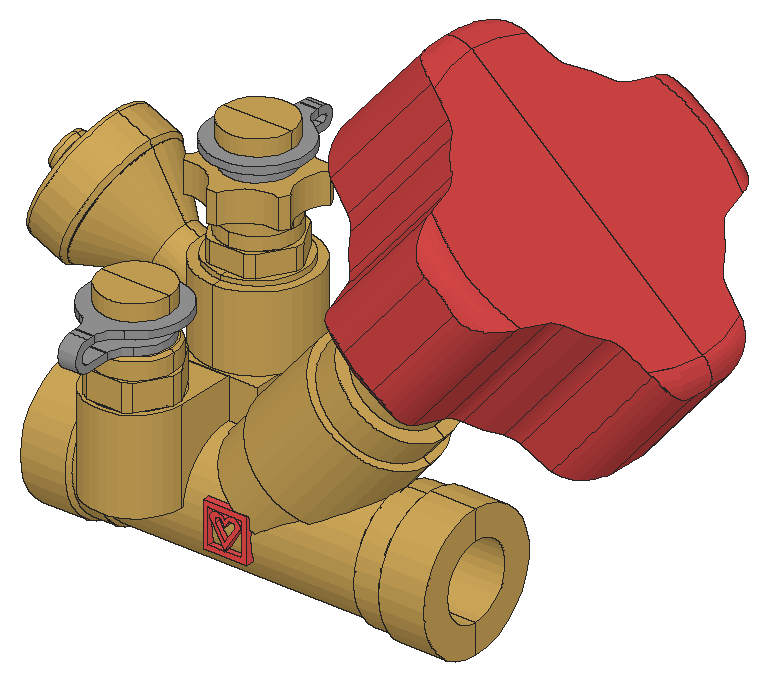
Revit family "HERZ Strömax Балансировочный клапан с измерительной диафрагмой 4017 ML", category Rohrzubehör, Revit 2020
Family settings
  Bemaßung runder Anschluss = Durchmesser verwenden
  Teiletyp = Unterbricht
  OmniClass-Nummer = 23.65.55.14
  OmniClass-Titel = Valves for Liquid Services
  Arbeitsebenenbasiert = Nein
  Immer vertikal = Ja
  Beim Laden mit Abzugskörper schneiden = Nein
  Gemeinsam genutzt = Nein
Parameters
  Среда = "Качество теплоносителя должно соответствовать требованиям ONORM H 5195, VDI 2035.\r\nДопускается использование смеси этилен- пропиленгликоля в процентном соотношении 25-50% с водой."
  Область применения = "Балансировочные клапаны применяются для гидравлической балансировки систем отопления и охлаждения, регулировки магистральных трубопроводов, стояков, теплообменников, регистров отопления и охлаждения."
  Номер заказа [instance] = size_lookup("4017_ML_", "Artnr", 0, Nennweite)  # 1401731
  Макс. рабочее давление = 2000000.0 Pa  # constant formula
  Макс. рабочая температура = 130 °C  # constant formula
  Макс. перепад давления на закрытом седле = 1000000.0 Pa  # constant formula
  Корпус = "латунь, устойчивая к селективной цинковой коррозии"  # constant formula
  Исполнение = "Балансировочный клапан ГЕРЦ 4017ML с измерительной диафрагмой и возможностью подключения импульсной трубки и двумя измерительными клапанами для измерений перепадов давления наклонный неподнимающийся шпиндель, муфта х муфта, без покрытия, фиксированная воспроизводимая предварительная настройка, показания преднастройки считываются в окошке маховика, с обеих сторон резьбовые муфты, уплотнение шпинделя при помощи тройных уплотнительных колец O-Ring."
  kvs-значения [instance] = if(Nennweite = 15.000 mm, 2, if(Nennweite = 20.000 mm, 3.6, if(Nennweite = 25.000 mm, 6.5, if(Nennweite = 32.000 mm, 13.3, if(Nennweite = 40.000 mm, 18.5, if(Nennweite = 50.000 mm, 33, 0))))))  # 2
  kv-диафрагмы [instance] = if(Nennweite = 15.000 mm, 1.95, if(Nennweite = 20.000 mm, 3.95, if(Nennweite = 25.000 mm, 7.9, if(Nennweite = 32.000 mm, 15.75, if(Nennweite = 40.000 mm, 21.5, if(Nennweite = 50.000 mm, 46.7, 0))))))  # 1.95
  W01 = 50.00°  # constant formula
  Vorgabe-Ansicht = 0.000 mm
  URL = "www.herz-armaturen.ru"
  SW01 = 60.00°  # constant formula
  SCRNSEQ = "ARM;ARM_TYP=\"STRV\";2"
  SCRNCODE = "05;07;02"  # constant formula
  S03 = 60.000 mm  # constant formula
  S02 [instance] = L04 + L06 + L07  # 76.800 mm
  S01 [instance] = D01 * 2  # 27.000 mm
  R03 = 21.500 mm  # constant formula
  R02 = 9.500 mm  # constant formula
  R01 = 12.000 mm  # constant formula
  L10 [instance] = size_lookup("4017_ML_", "L10", 1.000 mm, Nennweite)  # 28.500 mm
  L09 [instance] = size_lookup("4017_ML_", "L9", 1.000 mm, Nennweite)  # 22.500 mm
  L08 [instance] = size_lookup("4017_ML_", "L8", 1.000 mm, Nennweite)  # 12.700 mm
  L07 [instance] = size_lookup("4017_ML_", "L7", 1.000 mm, Nennweite)  # 35.100 mm
  L06 [instance] = size_lookup("4017_ML_", "L6", 1.000 mm, Nennweite)  # 6.500 mm
  L05 [instance] = size_lookup("4017_ML_", "L5", 1.000 mm, Nennweite)  # 20.200 mm
  L04 [instance] = size_lookup("4017_ML_", "L4", 1.000 mm, Nennweite)  # 35.200 mm
  L03 [instance] = size_lookup("4017_ML_", "L3", 1.000 mm, Nennweite)  # 1.000 mm
  H03 [instance] = H01 - 19.000 mm  # 1.000 mm
  H02 = 13.000 mm  # constant formula
  E01 [instance] = L00 / -2  # -41.500 mm
  E00 = 0.000 mm  # constant formula
  D09 [instance] = size_lookup("4017_ML_", "D9", 1.000 mm, Nennweite)  # 11.750 mm
  D08 [instance] = size_lookup("4017_ML_", "D8", 1.000 mm, Nennweite)  # 9.500 mm
  D07 [instance] = size_lookup("4017_ML_", "D7", 1.000 mm, Nennweite)  # 12.000 mm
  D06 [instance] = size_lookup("4017_ML_", "D6", 1.000 mm, Nennweite)  # 13.500 mm
  D05 [instance] = size_lookup("4017_ML_", "D5", 1.000 mm, Nennweite)  # 12.500 mm
  D04 [instance] = Nennweite / 2  # 7.500 mm
  IG [instance] = Nennweite / 2  # 7.500 mm
  D03 [instance] = size_lookup("4017_ML_", "D3", 1.000 mm, Nennweite)  # 11.900 mm
  D02 [instance] = size_lookup("4017_ML_", "D2", 1.000 mm, Nennweite)  # 12.700 mm
  D01 [instance] = size_lookup("4017_ML_", "D1", 1.000 mm, Nennweite)  # 13.500 mm
  Nennweite [instance] = 15.000 mm
  L02 [instance] = size_lookup("4017_ML_", "L2", 1.000 mm, Nennweite)  # 5.000 mm
  L01 [instance] = size_lookup("4017_ML_", "L1", 1.000 mm, Nennweite)  # 9.250 mm
  L00 [instance] = size_lookup("4017_ML_", "L", 1.000 mm, Nennweite)  # 83.000 mm
  Hersteller = "HERZ Armaturen Ges.m.b.H."  # constant formula
  H01 [instance] = size_lookup("4017_ML_", "H1", 1.000 mm, Nennweite)  # 20.000 mm
  GT [instance] = size_lookup("4017_ML_", "GT", 1.000 mm, Nennweite)  # 13.200 mm
  DN50 [instance] = Nennweite = 50.000 mm  # no
  DN40 [instance] = Nennweite = 40.000 mm  # no
  DN32 [instance] = Nennweite = 32.000 mm  # no
  DN25 [instance] = Nennweite = 25.000 mm  # no
  DN20 [instance] = Nennweite = 20.000 mm  # no
  DN15 [instance] = Nennweite = 15.000 mm  # yes
Reference planes
  plane 1 "Mitte (Vorne/hinten)": y = 0
  plane 2: z = 0
  plane 3 "Mitte (Links/rechts)": x = 0
Forms (mm)
  Revolve 1, solid, material "Messing, weicher Gelbton, geschweißt", detail levels fine
    sketch origin (470, 0, 0) x (1, 0, 0) y (0, 0, 1)
      loop
        line (-511.5, 7.5) -> (-498.3, 7.5) -> (-498.3, 0) -> (-441.7, 0) -> (-441.7, 7.5) -> (-428.5, 7.5) -> (-428.5, 13.5) -> (-437.75, 13.5) -> (-438.421, 12.7) -> (-443.421, 12.7) -> (-444.093, 11.9) -> (-495.907, 11.9) -> (-496.579, 12.7) -> (-501.579, 12.7) -> (-502.25, 13.5) -> (-511.5, 13.5) -> (-511.5, 7.5)
      axis (-511.5, 0) -> (-428.5, 0)
    angle from 0 to 360
  Revolve 2, solid, material "Messing, weicher Gelbton, geschweißt", detail levels fine
    sketch origin (0.32, 0, -0.105) x (1, 0, 0) y (0, 0, 1)
      loop
        line (-1.32, 0.105) -> (48.046, 58.937) -> (39.045, 66.49) -> (30.882, 56.761) -> (32.605, 55.315) -> (18.207, 38.155) -> (16.292, 39.762) -> (12.114, 34.783) -> (10.964, 35.747) -> (-2.02, 20.273) -> (-1.254, 19.63) -> (-7.652, 12.005) -> (-7.065, 4.926) -> (-1.32, 0.105)
      axis (-1.32, 0.105) -> (48.046, 58.937)
    angle from 0 to 360
  Extrusion 3, solid, material "Messing, weicher Gelbton, geschweißt", detail levels fine
    sketch origin (0, 0, 0) x (1, 0, 0) y (0, 1, 0)
      loop
        arc (-28.5, -12) -> (-19, -21.5) -> (-9.5, -12) r 9.5
        line (-9.5, -12) -> (-9.5, 0) -> (-28.5, 0) -> (-28.5, -12)
    from 1 <- "H03" to 20 <- "H01"
  Extrusion 4, solid, material "Messing, weicher Gelbton, geschweißt", detail levels fine
    sketch origin (0, 0, 0) x (1, 0, 0) y (0, 1, 0)
      loop
        line (-22.5, 12) -> (-22.5, 0) -> (-3.5, 0) -> (-3.5, 12)
        arc (-3.5, 12) -> (-13, 21.5) -> (-22.5, 12) r 9.5
    from 0 to 20 <- "H01"
  Extrusion 5, void
    sketch origin (0, 0, 0) x (1, 0, 0) y (0, 0, 1)
      loop
        line (55, 0) -> (80, 0) -> (80, 73) -> (55, 73) -> (55, 0)
    from 55 to -55
Cuts and joins
  Extrusion 5 cuts Revolve 2
Lines and regions (mm)
  model lines, detail levels coarse+medium
    curve 1: line (-41.5, 0, 13.5) -> (-41.5, 0, -13.5)
    curve 2: line (-41.5, 0, -13.5) -> (41.5, 0, 13.5)
    curve 3: line (41.5, 0, 13.5) -> (41.5, 0, -13.5)
    curve 4: line (41.5, 0, -13.5) -> (-41.5, 0, 13.5)
    curve 5: line (0, 0, 0) -> (38.4, 0, 66.511)
    curve 6: line (12.419, 0, 81.511) -> (64.381, 0, 51.511)
    curve 7: line (-41.5, -13.5, 0) -> (-41.5, 13.5, 0)
    curve 8: line (-41.5, 13.5, 0) -> (41.5, -13.5, 0)
    curve 9: line (41.5, -13.5, 0) -> (41.5, 13.5, 0)
    curve 10: line (41.5, 13.5, 0) -> (-41.5, -13.5, 0)
    curve 11: line (0, 0, 0) -> (38.4, 66.511, 0)
    curve 12: line (12.419, 81.511, 0) -> (64.381, 51.511, 0)
Dimensions and locks
  "L00": Revolve 1 sketch curve to Revolve 1 sketch curve
  equal spacing: Revolve 1 sketch curve, plane 3 "Mitte (Links/rechts)", Revolve 1 sketch curve
  "D01": Revolve 1 sketch curve to Revolve 1 sketch curve  (x2)
  "GT": Revolve 1 sketch curve to Revolve 1 sketch curve  (x2)
  "D06": Revolve 2 sketch curve to Revolve 2 sketch curve
  "D07": Revolve 2 sketch curve to Revolve 2 sketch curve
  "D08": Revolve 2 sketch curve to Revolve 2 sketch curve
  "D09": Revolve 2 sketch curve to Revolve 2 sketch curve
  equal spacing: curve 1, plane 3 "Mitte (Links/rechts)", curve 3
  "L00": curve 1 to curve 3
  equal spacing: curve 4, plane 2, curve 2
  "S01": curve 4 to curve 1
  "S01": curve 3 to curve 4
  equal spacing: curve 3, plane 2, curve 4
  "S02": curve 5 to curve 5
  equal spacing: curve 6, curve 5, curve 6
  "S03": curve 6 to curve 6
  equal spacing: curve 7, plane 3 "Mitte (Links/rechts)", curve 9
  "L00": curve 7 to curve 9
  equal spacing: curve 10, plane 1 "Mitte (Vorne/hinten)", curve 8
  "S01": curve 8 to curve 10
  equal spacing: curve 9, plane 1 "Mitte (Vorne/hinten)", curve 10
  "S01": curve 10 to curve 9
  "S02": curve 11 to curve 11
  equal spacing: curve 12, curve 11, curve 12
  "S03": curve 12 to curve 12
  "L01": Revolve 1 sketch curve to Revolve 1 sketch curve  (x2)
  "D02": Revolve 1 sketch curve to plane 2  (x2)
  "D03": Revolve 1 sketch curve to plane 2
  "IG": Revolve 1 sketch curve to plane 2  (x2)
  "L02": Revolve 1 sketch curve to Revolve 1 sketch curve  (x2)
  "L04": Revolve 2 sketch curve to Revolve 2 sketch curve
  "L05": Revolve 2 sketch curve to Revolve 2 sketch curve
  "D03": Revolve 2 sketch curve to plane 2
  "L06": Revolve 2 sketch curve to Revolve 2 sketch curve
  "L08": Revolve 2 sketch curve to Revolve 2 sketch curve
  "L07": Revolve 2 sketch curve to Revolve 2 sketch curve
  "D04": Revolve 2 sketch curve to Revolve 2 sketch curve
  "D05": Revolve 2 sketch curve to Revolve 2 sketch curve
  "L03": plane 3 "Mitte (Links/rechts)" to Revolve 2 sketch curve  (x2)
  "D03": nested 1 to plane 1 "Mitte (Vorne/hinten)"
  "L09": Revolve 1 to Extrusion 3 sketch curve
  "R01": Extrusion 3 sketch curve to plane 1 "Mitte (Vorne/hinten)"
  "R01": plane 1 "Mitte (Vorne/hinten)" to Extrusion 4 sketch curve
  "L10": Revolve 1 to Extrusion 4 sketch curve
  "H01": nested 2 to plane 2
  "R01": nested 2 to plane 1 "Mitte (Vorne/hinten)"
  "L09": Revolve 1 to nested 2
  Extrusion 5 sketch curve to plane 3 "Mitte (Links/rechts)" = 55.000 mm
  Extrusion 5 sketch curve to Extrusion 5 sketch curve = 25.000 mm
  Extrusion 5 sketch curve to plane 2 = 73.000 mm
  "L10": Revolve 1 to nested 9
  "R01": plane 1 "Mitte (Vorne/hinten)" to nested 9
  "H01": nested 9 to plane 2
  "R02": radius of Extrusion 3 sketch curve
  "R02": radius of Extrusion 4 sketch curve
  "W01": angle level to Revolve 2 sketch curve
  "SW01": angle plane 2 to curve 5
  "SW01": angle plane 1 "Mitte (Vorne/hinten)" to curve 11
  "W01": angle Revolve 1 sketch curve to Revolve 1 sketch curve  (x4)
  "W01": angle plane 2 to Revolve 2 sketch curve
  aligned and locked: level to plane 2
Automatic sketch dimensions
  Extrusion 5 sketch curve to level = 0.000 mm
  curve 5 to level = 0.000 mm
  plane 1 "Mitte (Vorne/hinten)" to curve 11 = 0.000 mm
  Revolve 1 sketch curve to level = 0.000 mm  (x2)
  Revolve 1 sketch curve to Revolve 1 sketch curve = 791.990 mm
  Revolve 1 sketch curve to Revolve 1 sketch curve = 2278.983 mm
  Revolve 2 sketch curve to level = 0.000 mm  (x2)
  plane 1 "Mitte (Vorne/hinten)" to Extrusion 3 sketch curve = 0.000 mm
  plane 1 "Mitte (Vorne/hinten)" to Extrusion 4 sketch curve = 0.000 mm
Nested families
  nested 1: "Herz-Logo-vorne" at (0, -11.9, 0) x (0, 1, 0) z (0, 0, 1), type "Herz-Logo-vorne", detail levels fine
  nested 2: "Messstutzen_Band_Eintritt_senkrecht_(oben)" at (-19, -12, 2.5) x (-1, 0, 0) z (0, 0, 1), type "Messstutzen_Band_Eintritt_senkrecht_(oben)", detail levels fine
    with Schutzkappe yes, Nennweite 0.000 mm, Gewicht 0.00 kg, Bestellnummer 0
  nested 3: "Strangregulierventil-Handrad (Rot) DN15-DN32" at (48.366, 0, 58.832), visible <- "DN15", type "Strangregulierventil-Handrad (Rot) DN15-DN32"
    with Nennweite 0.000 mm, Gewicht 0.00 kg, Bestellnummer 0
  nested 4: "Strangregulierventil-Handrad (Rot) DN15-DN32" at (50.13, 0, 62.126), visible <- "DN20", type "Strangregulierventil-Handrad (Rot) DN15-DN32"
    with Nennweite 0.000 mm, Gewicht 0.00 kg, Bestellnummer 0
  nested 5: "Strangregulierventil-Handrad (Rot) DN15-DN32" at (55.886, 0, 73.157), visible <- "DN25", type "Strangregulierventil-Handrad (Rot) DN15-DN32"
    with Nennweite 0.000 mm, Gewicht 0.00 kg, Bestellnummer 0
  nested 6: "Strangregulierventil-Handrad (Rot) DN15-DN32" at (60.493, 0, 82.58), visible <- "DN32", type "Strangregulierventil-Handrad (Rot) DN15-DN32"
    with Nennweite 0.000 mm, Gewicht 0.00 kg, Bestellnummer 0
  nested 7: "Strangregulierventil-Handrad (Rot) DN40-DN50" at (68.72, 0, 95.602), visible <- "DN40", type "Strangregulierventil-Handrad (Rot) DN40-DN50"
    with Nennweite 0.000 mm, Gewicht 0.00 kg, Bestellnummer 0
  nested 8: "Strangregulierventil-Handrad (Rot) DN40-DN50" at (66.762, 0, 99.586), visible <- "DN50", type "Strangregulierventil-Handrad (Rot) DN40-DN50"
    with Nennweite 0.000 mm, Gewicht 0.00 kg, Bestellnummer 0
  nested 9: "Messstutzen_Band-KFE_Austritt_senkrecht_(oben)" at (-13, 12, 24.41), type "Messstutzen_Band-KFE_Austritt_senkrecht_(oben)", detail levels fine
    with Schutzkappe yes, Nennweite 0.000 mm, Gewicht 0.00 kg, Bestellnummer 0
Connectors
  piping at (-28.3, 0, 0), diameter 15, driven by "Nennweite"
    settings: on Revolve 1, index 1, connector inside diameter 609.6 mm, connector length 0.000 mm, flow factor 0, pipe flow 0.0 L/s, pressure drop 0.0 Pa, fitting loss kfactor 0, connector angle 0.00°, fixture units 0, engagement length 0.000 mm, angle of deflection 0.00°, flow configuration 0, flow direction 1, fitting loss method 0, system type 29, joint type 0, gender type 0, connector reference index -1, connector utility 0, adjustable connector no, is connector primary yes, connector description ""
  piping at (28.3, 0, 0), diameter 15, driven by "Nennweite"
    settings: on Revolve 1, index 2, connector inside diameter 609.6 mm, connector length 0.000 mm, flow factor 0, pipe flow 0.0 L/s, pressure drop 0.0 Pa, fitting loss kfactor 0, connector angle 0.00°, fixture units 0, engagement length 0.000 mm, angle of deflection 0.00°, flow configuration 0, flow direction 2, fitting loss method 0, system type 29, joint type 0, gender type 0, connector reference index -1, connector utility 0, adjustable connector no, is connector primary no, connector description ""
Definition of nested family "Herz-Logo-vorne"
  Parameters (values of type "Herz-Logo-vorne")
    Default Elevation = 0.000 mm
  Reference planes
    plane 1 "Mitte (Vorne/hinten)": y = 0
    plane 2: z = 0
    plane 3 "Mitte (Links/rechts)": x = 0
  Forms (mm)
    Extrusion 1, solid
      sketch origin (0.732, -0.018, 0.017) x (0, -1, 0) y (0, 0, 1)
        loop
          line (-0.018, -4.517) -> (4.482, -4.517) -> (4.482, 4.483) -> (-4.518, 4.483) -> (-4.518, -4.517) -> (-0.018, -4.517)
        loop
          line (-0.05, -3.48) -> (3.482, -3.48) -> (3.482, 3.483) -> (-3.518, 3.483) -> (-3.518, -3.48) -> (-0.05, -3.48)
        loop
          arc (-0.018, 2.383) -> (-1.543, 3.287) -> (-3.067, 2.383) r 1.738
          arc (-3.067, 2.383) -> (-3.191, 1.899) -> (-3.067, 1.415) r 1.009
          line (-3.067, 1.415) -> (-0.018, -3.281) -> (3.032, 1.415)
          arc (3.032, 1.415) -> (3.156, 1.899) -> (3.032, 2.383) r 1.009
          arc (3.032, 2.383) -> (1.507, 3.287) -> (-0.018, 2.383) r 1.738
        loop
          arc (1.885, 1.272) -> (2.005, 1.675) -> (1.885, 2.079) r 0.74
          arc (1.885, 2.079) -> (1.265, 2.416) -> (0.644, 2.079) r 0.74
          line (0.644, 2.079) -> (-0.018, 0.97) -> (-0.679, 2.079)
          arc (-0.679, 2.079) -> (-1.3, 2.416) -> (-1.921, 2.079) r 0.74
          arc (-1.921, 2.079) -> (-2.04, 1.675) -> (-1.921, 1.272) r 0.74
          line (-1.921, 1.272) -> (-0.018, -1.658) -> (1.885, 1.272)
      from 0 to 1.5
  Dimensions and locks
    aligned and locked: level to plane 2
Definition of nested family "Messstutzen_Band_Eintritt_senkrecht_(oben)"
  Parameters (values of type "Messstutzen_Band_Eintritt_senkrecht_(oben)")
    Default Elevation = 0.000 mm
    URL = "www.herz-armaturen.at"
    Schutzkappe [instance] = yes
    Nennweite [instance] = 0.000 mm
    Manufacturer = "Herz Armaturen GmbH"  # constant formula
    Gewicht [instance] = 0.00 kg
    Bestellnummer [instance] = 0
  Reference planes
    plane 1 "Mitte (Vorne/hinten)": y = 0
    plane 2: z = 0
    plane 3 "Mitte (Links/rechts)": x = 0
    plane 4 "Schlaufe 1": z = -27
    plane 5 "Schlaufe 2": z = -31.678
  Forms (mm)
    Revolve 1, solid, detail levels fine
      sketch origin (0, 0, 0) x (1, 0, 0) y (0, 0, 1)
        loop
          line (-7.4, 9) -> (-5.55, 9) -> (-5.55, 6)
          arc (-5.55, 6) -> (-5.626, 5.617) -> (-5.843, 5.293) r 1
          line (-5.843, 5.293) -> (-6.455, 4.681) -> (-6.455, 0.9) -> (-5.555, 0) -> (-2, 0) -> (-2, 17.5) -> (-8.4, 17.5)
          arc (-8.4, 17.5) -> (-7.693, 17.207) -> (-7.4, 16.5) r 1
          line (-7.4, 16.5) -> (-7.4, 9)
        loop
          line (-3.7, 27) -> (-7.3, 27) -> (-7.9, 26.4) -> (-7.9, 23) -> (-2, 23) -> (-2, 35.8) -> (-3.805, 35.8) -> (-4.415, 35.19) -> (-4.415, 30.863) -> (-3.7, 30.45) -> (-3.7, 27)
        axis (0, 0) -> (0, 35.8)
      angle from 0 to 360
    Extrusion 2, solid, detail levels fine
      sketch origin (0, 0, 17.5) x (0, 1, 0) y (-1, 0, 0)
        loop
          arc (-7.07, 5.156) -> (-7.578, 4.375) -> (-8, 3.544) r 8.75
          line (-8, 3.544) -> (-8, -3.544)
          arc (-8, -3.544) -> (-7.578, -4.375) -> (-7.07, -5.156) r 8.75
          line (-7.07, -5.156) -> (-0.93, -8.7)
          arc (-0.93, -8.7) -> (0, -8.75) -> (0.93, -8.7) r 8.75
          line (0.93, -8.7) -> (7.07, -5.156)
          arc (7.07, -5.156) -> (7.578, -4.375) -> (8, -3.544) r 8.75
          line (8, -3.544) -> (8, 3.544)
          arc (8, 3.544) -> (7.578, 4.375) -> (7.07, 5.156) r 8.75
          line (7.07, 5.156) -> (0.93, 8.7)
          arc (0.93, 8.7) -> (0, 8.75) -> (-0.93, 8.7) r 8.75
          line (-0.93, 8.7) -> (-7.07, 5.156)
      from 0 to 5.5
    Revolve 3, solid, visible <- "Schutzkappe", detail levels fine
      sketch origin (0, 0, 0) x (1, 0, 0) y (0, 0, 1)
        loop
          line (0, 35.878) -> (0, 36.678) -> (-7, 36.678) -> (-7, 33.378) -> (-6.1, 33.378) -> (-6.1, 31.678) -> (-6.9, 31.678) -> (-6.9, 30.178) -> (-4.415, 30.178) -> (-4.415, 35.268) -> (-3.805, 35.878) -> (0, 35.878)
        axis (0, 30.178) -> (0, 36.678)
      angle from 0 to 360
    Extrusion 4, solid, detail levels fine
      sketch origin (0, 0, 28.5) x (1, 0, 0) y (0, 1, 0)
        loop
          circle (0, 0) r 3.7
        loop
          arc (-3.906, 5.505) -> (0, -6.75) -> (3.906, 5.505) r 6.75
          arc (3.906, 5.505) -> (2.358, 7.288) -> (1.8, 9.582) r 5
          line (1.8, 9.582) -> (-1.8, 9.582)
          arc (-1.8, 9.582) -> (-2.358, 7.288) -> (-3.906, 5.505) r 5
      from 0 to -1.5
    Extrusion 5, solid, detail levels fine
      sketch origin (0, 0, 33.178) x (1, 0, 0) y (0, 1, 0)
        loop
          circle (0, 0) r 6.1
        loop
          arc (-4.495, 8.652) -> (0, -9.75) -> (4.495, 8.652) r 9.75
          arc (4.495, 8.652) -> (2.527, 10.493) -> (1.8, 13.089) r 5
          line (1.8, 13.089) -> (-1.8, 13.089)
          arc (-1.8, 13.089) -> (-2.527, 10.493) -> (-4.495, 8.652) r 5
      from 0 to -1.5
    Sweep 6, solid, detail levels fine
      path origin (0, 0, 0) x (0, 0, -1) y (0, -1, 0)
        loop
          line (-27.75, -9.582) -> (-27.75, -14.522)
          arc (-27.75, -14.522) -> (-30.089, -16.862) -> (-32.428, -14.522) r 2.339
          line (-32.428, -14.522) -> (-32.428, -13.089)
      profile origin (0, 12.052, 27.75) x (0, 0, 1) y (1, 0, 0)
        loop
          line (-0.75, -1.8) -> (0.75, -1.8) -> (0.75, 1.8) -> (-0.75, 1.8) -> (-0.75, -1.8)
  Dimensions and locks
    aligned and locked: level to plane 2
Definition of nested family "Strangregulierventil-Handrad (Rot) DN15-DN32"
  Parameters (values of type "Strangregulierventil-Handrad (Rot) DN15-DN32")
    Default Elevation = 0.000 mm
    URL = "www.herz-armaturen.at"
    Nennweite [instance] = 0.000 mm
    Manufacturer = "Herz Armaturen GmbH"  # constant formula
    Gewicht [instance] = 0.00 kg
    Bestellnummer [instance] = 0
  Reference planes
    plane 1 "Mitte (Vorne/hinten)": y = 0
    plane 2: z = 0
    plane 3 "Mitte (Links/rechts)": x = 0
  Forms (mm)
    Revolve 1, solid, detail levels fine
      sketch origin (0, 0, 0) x (0.766044, 0, -0.642788) y (0.642788, 0, 0.766044)
        loop
          line (0, 0) -> (0, 24.95) -> (-30.992, 24.95)
          arc (-30.992, 24.95) -> (-34.37, 23.636) -> (-35.973, 20.386) r 5
          line (-35.973, 20.386) -> (-37, 8.65) -> (-35.986, -2.936)
          arc (-35.986, -2.936) -> (-34.383, -6.186) -> (-31.005, -7.5) r 5
          line (-31.005, -7.5) -> (-15, -7.5) -> (-15, 0) -> (0, 0)
        axis (0, 24.95) -> (0, -7.5)
      angle from 0 to 360
    Extrusion 2, void
      sketch origin (13.049, 0, 15.551) x (0.766044, 0, -0.642788) y (0, 1, 0)
        loop
          line (3.861, 35.5) -> (-3.861, 35.5)
          arc (-3.861, 35.5) -> (-8.731, 33.847) -> (-11.589, 29.571) r 8
          line (-11.589, 29.571) -> (-13.284, 23.245)
          arc (-13.284, 23.245) -> (-13.982, 21.722) -> (-15.144, 20.516) r 5
          arc (-15.144, 20.516) -> (-18.031, 18.031) -> (-20.516, 15.144) r 25.5
          arc (-20.516, 15.144) -> (-21.722, 13.982) -> (-23.245, 13.284) r 5
          line (-23.245, 13.284) -> (-29.571, 11.589)
          arc (-29.571, 11.589) -> (-33.847, 8.731) -> (-35.5, 3.861) r 8
          line (-35.5, 3.861) -> (-35.5, -3.861)
          arc (-35.5, -3.861) -> (-33.847, -8.731) -> (-29.571, -11.589) r 8
          line (-29.571, -11.589) -> (-23.245, -13.284)
          arc (-23.245, -13.284) -> (-21.722, -13.982) -> (-20.516, -15.144) r 5
          arc (-20.516, -15.144) -> (-18.031, -18.031) -> (-15.144, -20.516) r 25.5
          arc (-15.144, -20.516) -> (-13.982, -21.722) -> (-13.284, -23.245) r 5
          line (-13.284, -23.245) -> (-11.589, -29.571)
          arc (-11.589, -29.571) -> (-8.731, -33.847) -> (-3.861, -35.5) r 8
          line (-3.861, -35.5) -> (3.861, -35.5)
          arc (3.861, -35.5) -> (8.731, -33.847) -> (11.589, -29.571) r 8
          line (11.589, -29.571) -> (13.284, -23.245)
          arc (13.284, -23.245) -> (13.982, -21.722) -> (15.144, -20.516) r 5
          arc (15.144, -20.516) -> (18.031, -18.031) -> (20.516, -15.144) r 25.5
          arc (20.516, -15.144) -> (21.722, -13.982) -> (23.245, -13.284) r 5
          line (23.245, -13.284) -> (29.571, -11.589)
          arc (29.571, -11.589) -> (33.847, -8.731) -> (35.5, -3.861) r 8
          line (35.5, -3.861) -> (35.5, 3.861)
          arc (35.5, 3.861) -> (33.847, 8.731) -> (29.571, 11.589) r 8
          line (29.571, 11.589) -> (23.245, 13.284)
          arc (23.245, 13.284) -> (21.722, 13.982) -> (20.516, 15.144) r 5
          arc (20.516, 15.144) -> (18.031, 18.031) -> (15.144, 20.516) r 25.5
          arc (15.144, 20.516) -> (13.982, 21.722) -> (13.284, 23.245) r 5
          line (13.284, 23.245) -> (11.589, 29.571)
          arc (11.589, 29.571) -> (8.731, 33.847) -> (3.861, 35.5) r 8
        loop
          circle (0, 0) r 38
      from -31.266 to 7.923
  Cuts and joins
    Extrusion 2 cuts Revolve 1
  Dimensions and locks
    Revolve 1 sketch curve to Revolve 1 sketch curve = 15.000 mm
    Revolve 1 sketch curve to Revolve 1 sketch curve = 16.150 mm
    Revolve 1 sketch curve to Revolve 1 sketch curve = 16.300 mm
    angle Revolve 1 sketch curve to Revolve 1 sketch curve = 95.00°
    aligned and locked: level to plane 2
Definition of nested family "Strangregulierventil-Handrad (Rot) DN40-DN50"
  Parameters (values of type "Strangregulierventil-Handrad (Rot) DN40-DN50")
    Default Elevation = 0.000 mm
    URL = "www.herz-armaturen.at"
    Nennweite [instance] = 0.000 mm
    Manufacturer = "Herz Armaturen GmbH"  # constant formula
    Gewicht [instance] = 0.00 kg
    Bestellnummer [instance] = 0
  Reference planes
    plane 1 "Mitte (Vorne/hinten)": y = 0
    plane 2: z = 0
    plane 3 "Mitte (Links/rechts)": x = 0
  Forms (mm)
    Revolve 1, solid, detail levels fine
      sketch origin (0, 0, 0) x (0.766044, 0, -0.642788) y (0.642788, 0, 0.766044)
        loop
          line (0, 0) -> (0, 24.95) -> (-50.992, 24.95)
          arc (-50.992, 24.95) -> (-54.37, 23.636) -> (-55.973, 20.386) r 5
          line (-55.973, 20.386) -> (-57, 8.65) -> (-55.986, -2.936)
          arc (-55.986, -2.936) -> (-54.383, -6.186) -> (-51.005, -7.5) r 5
          line (-51.005, -7.5) -> (-15, -7.5) -> (-15, 0) -> (0, 0)
        axis (0, 24.95) -> (0, -7.5)
      angle from 0 to 360
    Extrusion 2, void
      sketch origin (13.049, 0, 15.551) x (0.766044, 0, -0.642788) y (0, 1, 0)
        loop
          line (-55, 6.292) -> (-55, -6.292)
          arc (-55, -6.292) -> (-52.52, -13.597) -> (-46.106, -17.883) r 12
          line (-46.106, -17.883) -> (-35.399, -20.752)
          arc (-35.399, -20.752) -> (-33.541, -21.612) -> (-32.08, -23.047) r 6
          arc (-32.08, -23.047) -> (-27.931, -27.931) -> (-23.047, -32.08) r 39.5
          arc (-23.047, -32.08) -> (-21.612, -33.541) -> (-20.752, -35.399) r 6
          line (-20.752, -35.399) -> (-17.883, -46.106)
          arc (-17.883, -46.106) -> (-13.597, -52.52) -> (-6.292, -55) r 12
          line (-6.292, -55) -> (6.292, -55)
          arc (6.292, -55) -> (13.597, -52.52) -> (17.883, -46.106) r 12
          line (17.883, -46.106) -> (20.752, -35.399)
          arc (20.752, -35.399) -> (21.612, -33.541) -> (23.047, -32.08) r 6
          arc (23.047, -32.08) -> (27.931, -27.931) -> (32.08, -23.047) r 39.5
          arc (32.08, -23.047) -> (33.541, -21.612) -> (35.399, -20.752) r 6
          line (35.399, -20.752) -> (46.106, -17.883)
          arc (46.106, -17.883) -> (52.52, -13.597) -> (55, -6.292) r 12
          line (55, -6.292) -> (55, 6.292)
          arc (55, 6.292) -> (52.52, 13.597) -> (46.106, 17.883) r 12
          line (46.106, 17.883) -> (35.399, 20.752)
          arc (35.399, 20.752) -> (33.541, 21.612) -> (32.08, 23.047) r 6
          arc (32.08, 23.047) -> (27.931, 27.931) -> (23.047, 32.08) r 39.5
          arc (23.047, 32.08) -> (21.612, 33.541) -> (20.752, 35.399) r 6
          line (20.752, 35.399) -> (17.883, 46.106)
          arc (17.883, 46.106) -> (13.597, 52.52) -> (6.292, 55) r 12
          line (6.292, 55) -> (-6.292, 55)
          arc (-6.292, 55) -> (-13.597, 52.52) -> (-17.883, 46.106) r 12
          line (-17.883, 46.106) -> (-20.752, 35.399)
          arc (-20.752, 35.399) -> (-21.612, 33.541) -> (-23.047, 32.08) r 6
          arc (-23.047, 32.08) -> (-27.931, 27.931) -> (-32.08, 23.047) r 39.5
          arc (-32.08, 23.047) -> (-33.541, 21.612) -> (-35.399, 20.752) r 6
          line (-35.399, 20.752) -> (-46.106, 17.883)
          arc (-46.106, 17.883) -> (-52.52, 13.597) -> (-55, 6.292) r 12
        loop
          circle (0, 0) r 60
      from -31.161 to 7.489
  Cuts and joins
    Extrusion 2 cuts Revolve 1
  Dimensions and locks
    Revolve 1 sketch curve to Revolve 1 sketch curve = 15.000 mm
    Revolve 1 sketch curve to Revolve 1 sketch curve = 16.150 mm
    Revolve 1 sketch curve to Revolve 1 sketch curve = 16.300 mm
    Revolve 1 sketch curve to Revolve 1 sketch curve = 57.000 mm
    angle Revolve 1 sketch curve to Revolve 1 sketch curve = 95.00°
    aligned and locked: level to plane 2
Definition of nested family "Messstutzen_Band-KFE_Austritt_senkrecht_(oben)"
  Parameters (values of type "Messstutzen_Band-KFE_Austritt_senkrecht_(oben)")
    Default Elevation = 0.000 mm
    URL = "www.herz-armaturen.at"
    Schutzkappe [instance] = yes
    Nennweite [instance] = 0.000 mm
    Manufacturer = "Herz Armaturen GmbH"  # constant formula
    Gewicht [instance] = 0.00 kg
    Bestellnummer [instance] = 0
  Reference planes
    plane 1 "Mitte (Vorne/hinten)": y = 0
    plane 2: z = 0
    plane 3 "Mitte (Links/rechts)": x = 0
  Forms (mm)
    Revolve 1, solid, detail levels fine
      sketch origin (0, 0, 0) x (1, 0, 0) y (0, 0, 1)
        loop
          line (-7.4, 9) -> (-5.55, 9) -> (-5.55, 6)
          arc (-5.55, 6) -> (-5.626, 5.617) -> (-5.843, 5.293) r 1
          line (-5.843, 5.293) -> (-6.455, 4.681) -> (-6.455, 0.9) -> (-5.555, 0) -> (-2, 0) -> (-2, 23) -> (-2, 35.8) -> (-3.805, 35.8) -> (-4.415, 35.19) -> (-4.415, 30.863) -> (-3.7, 30.45) -> (-3.7, 27) -> (-7.4, 27) -> (-7.4, 9)
        axis (0, 0) -> (0, 35.8)
      angle from 0 to 360
    Extrusion 2, solid, detail levels fine
      sketch origin (0, 0, 17.5) x (0, 1, 0) y (-1, 0, 0)
        loop
          arc (-7.07, 5.156) -> (-7.578, 4.375) -> (-8, 3.544) r 8.75
          line (-8, 3.544) -> (-8, -3.544)
          arc (-8, -3.544) -> (-7.578, -4.375) -> (-7.07, -5.156) r 8.75
          line (-7.07, -5.156) -> (-0.93, -8.7)
          arc (-0.93, -8.7) -> (0, -8.75) -> (0.93, -8.7) r 8.75
          line (0.93, -8.7) -> (7.07, -5.156)
          arc (7.07, -5.156) -> (7.578, -4.375) -> (8, -3.544) r 8.75
          line (8, -3.544) -> (8, 3.544)
          arc (8, 3.544) -> (7.578, 4.375) -> (7.07, 5.156) r 8.75
          line (7.07, 5.156) -> (0.93, 8.7)
          arc (0.93, 8.7) -> (0, 8.75) -> (-0.93, 8.7) r 8.75
          line (-0.93, 8.7) -> (-7.07, 5.156)
      from -5.51 to -1.21
    Revolve 3, solid, visible <- "Schutzkappe", detail levels fine
      sketch origin (0, 0, 0) x (1, 0, 0) y (0, 0, 1)
        loop
          line (0, 35.878) -> (0, 36.678) -> (-7, 36.678) -> (-7, 33.378) -> (-6.1, 33.378) -> (-6.1, 31.678) -> (-6.9, 31.678) -> (-6.9, 30.178) -> (-4.415, 30.178) -> (-4.415, 35.268) -> (-3.805, 35.878) -> (0, 35.878)
        axis (0, 30.178) -> (0, 36.678)
      angle from 0 to 360
    Extrusion 4, solid, detail levels fine
      sketch origin (0, 0, 30) x (1, 0, 0) y (0, 1, 0)
        loop
          circle (0, 0) r 3.7
        loop
          arc (-3.906, 5.505) -> (0, -6.75) -> (3.906, 5.505) r 6.75
          arc (3.906, 5.505) -> (2.358, 7.288) -> (1.8, 9.582) r 5
          line (1.8, 9.582) -> (-1.8, 9.582)
          arc (-1.8, 9.582) -> (-2.358, 7.288) -> (-3.906, 5.505) r 5
      from 0 to -1.5
    Extrusion 5, solid, detail levels fine
      sketch origin (0, 0, 33.178) x (1, 0, 0) y (0, 1, 0)
        loop
          circle (0, 0) r 6.1
        loop
          arc (-4.495, 8.652) -> (0, -9.75) -> (4.495, 8.652) r 9.75
          arc (4.495, 8.652) -> (2.527, 10.493) -> (1.8, 13.089) r 5
          line (1.8, 13.089) -> (-1.8, 13.089)
          arc (-1.8, 13.089) -> (-2.527, 10.493) -> (-4.495, 8.652) r 5
      from 0 to -1.5
    Sweep 6, solid, detail levels fine
      path origin (0, 0, 0) x (0, 0, -1) y (0, -1, 0)
        loop
          line (-29.25, -9.582) -> (-29.25, -14.522)
          arc (-29.25, -14.522) -> (-30.839, -16.112) -> (-32.428, -14.522) r 1.589
          line (-32.428, -14.522) -> (-32.428, -13.089)
      profile origin (0, 12.052, 29.25) x (0, 0, 1) y (1, 0, 0)
        loop
          line (-0.75, -1.8) -> (0.75, -1.8) -> (0.75, 1.8) -> (-0.75, 1.8) -> (-0.75, -1.8)
    Extrusion 7, solid, detail levels fine
      sketch origin (-101.196, 0, 0) x (1, 0, 0) y (0, 1, 0)
        loop
          arc (112.053, 5.113) -> (111.589, 6) -> (111.053, 6.845) r 12
          arc (111.053, 6.845) -> (105.696, 7.794) -> (102.196, 11.958) r 7.971
          arc (102.196, 11.958) -> (101.196, 12) -> (100.196, 11.958) r 12
          arc (100.196, 11.958) -> (96.696, 7.794) -> (91.34, 6.845) r 7.971
          arc (91.34, 6.845) -> (90.804, 6) -> (90.34, 5.113) r 12
          arc (90.34, 5.113) -> (92.196, 0) -> (90.34, -5.113) r 7.971
          arc (90.34, -5.113) -> (90.804, -6) -> (91.34, -6.845) r 12
          arc (91.34, -6.845) -> (96.696, -7.794) -> (100.196, -11.958) r 7.971
          arc (100.196, -11.958) -> (101.196, -12) -> (102.196, -11.958) r 12
          arc (102.196, -11.958) -> (105.696, -7.794) -> (111.053, -6.845) r 7.971
          arc (111.053, -6.845) -> (111.589, -6) -> (112.053, -5.113) r 12
          arc (112.053, -5.113) -> (110.196, 0) -> (112.053, 5.113) r 7.971
      from 22.3 to 28.5
    Revolve 8, solid, detail levels fine
      sketch origin (0, 43.374, -20) x (0, 1, 0) y (0, 0, 1)
        loop
          line (-43.374, 0) -> (-37.874, 0) -> (-36.774, 1.1) -> (-36.774, 4.9) -> (-37.874, 6) -> (-37.874, 8.4) -> (-36.424, 8.4) -> (-36.424, 9.2) -> (-34.424, 9.2) -> (-34.424, 15.59) -> (-31.874, 15.59) -> (-31.874, 30.99) -> (-33.874, 30.99) -> (-33.874, 31.99) -> (-43.374, 31.99) -> (-43.374, 0)
        loop
          line (-43.374, 39) -> (-43.374, 36.29) -> (-35.874, 36.29) -> (-35.874, 39) -> (-43.374, 39)
        axis (-43.374, 39) -> (-43.374, 0)
      angle from 0 to 360
    Revolve 9, solid, detail levels fine
      sketch origin (0, 0, 0) x (-1, 0, 0) y (0, 0, 1)
        loop
          line (0, -1.01) -> (32.627, 14.204) -> (27.556, 25.08) -> (25.934, 25.67) -> (21.602, 23.65) -> (14.873, 11.994) -> (-2.324, 3.975) -> (0, -1.01)
        axis (32.627, 14.204) -> (0, -1.01)
      angle from 0 to 360
    Revolve 10, solid, detail levels fine
      sketch origin (-51.188, 0, -39.797) x (-0.422618, 0, -0.906308) y (-0.906308, 0, 0.422618)
        loop
          line (-56.786, 8) -> (-45.747, 8) -> (-45.747, 0) -> (-43.834, 0) -> (-42.786, 1.048) -> (-42.786, 8.048)
          arc (-42.786, 8.048) -> (-43.065, 8.721) -> (-43.738, 9) r 0.952
          line (-43.738, 9) -> (-52.974, 9)
          arc (-52.974, 9) -> (-53.548, 9.238) -> (-53.786, 9.812) r 0.812
          line (-53.786, 9.812) -> (-53.786, 12) -> (-52.786, 12) -> (-52.786, 13.03)
          arc (-52.786, 13.03) -> (-53.07, 13.716) -> (-53.756, 14) r 0.97
          line (-53.756, 14) -> (-56.786, 14) -> (-56.786, 8)
        axis (-56.786, 14) -> (-56.786, 0)
      angle from 0 to 360
  Dimensions and locks
    aligned and locked: level to plane 2
